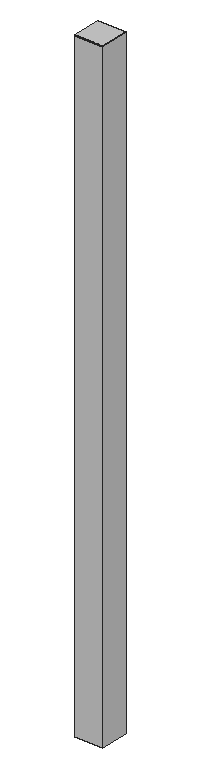
Revit family "Haworth_Compose_Panel_DoorPost", category Furniture Systems, Revit 2018
Family settings
  Round Connector Dimension = Use Diameter
  Part Type = Normal
  OmniClass Number = 23.40.70.14.64.21
  OmniClass Title = Systems Furniture
  Work Plane-Based = No
  Always vertical = Yes
  Cut with Voids When Loaded = No
  Shared = Yes
  Room Calculation Point = No
Parameters (values of type "66h")
  Warranty = "http://www.haworth.com/resources/product-info/warranties"
  URL - Product = "http://www.haworth.com/products/workspaces/panel-based/compose"
  URL = "http://www.haworth.com/"
  Trim Finish = Haworth _ Paint _ Putty
  Top Trim Width = if(Top Trim Thin Profile, 1/8", 1/4")  # 1/8"
  Top Trim Thin Profile = yes
  Sustainability Info = "http://media.haworth.com/asset/2999/Compose%20PEDS.pdf"
  Post Finish = Haworth _ Paint _ Putty
  Model = "VZZP"  # constant formula
  Description = "Haworth - Compose Panel - Accessories Door - Post"  # constant formula
  Size = "Verify Final Dim. w/ Haworth"  # constant formula
  Revision Number = "5"  # constant formula
  Post Depth = 3"  # constant formula
  Min/Max Height = "66, 74, 82, 90 in."  # constant formula
  Min. Width = 3"  # constant formula
  Max. Width = 3"  # constant formula
  Min. Height = 66"  # constant formula
  Max. Height = 90"  # constant formula
  Manufacturer = "Haworth"  # constant formula
  Height = 66"
  Custom Size = not(or(Height = 66", Height = 74", Height = 82", Height = 90"))  # no
  Author = "SHAPE Environments, LLC"  # constant formula
  Assembly Code = "E2020500"
  Actual Width = 3"  # constant formula
  Actual Height = if(Top Trim Thin Profile, if(Height < Min. Height, Min. Height, if(Height > Max. Height, Max. Height, Height)) - 1/8", if(Height < Min. Height, Min. Height, if(Height > Max. Height, Max. Height, Height)))  # 65 7/8"
Types (4): name | Height | Actual Height
  66h | 66" | 65 7/8"
  82h | 82" | 81 7/8"
  74h | 74" | 73 7/8"
  90h | 90" | 89 7/8"
Reference planes (in)
  plane 1 "Center F/B": y = 0
  plane 2: z = 0.5
  plane 3 "Center L/R": x = 1.5
  plane 4 "Back": y = 1.5
  plane 5 "Front": y = -1.5
  plane 6 "Right": x = 3
  plane 7 "Top": z = 65.875
  plane 8 "Post Top": z = 65.75
  plane 9: x = 0
Forms (in)
  Extrusion 1, solid, material "Haworth _ Paint _ Putty" <- "Post Finish"
    sketch origin (-1.5, 0, 0) x (1, 0, 0) y (0, 1, 0)
      loop
        line (1.5, 1.5) -> (1.5, -1.5) -> (4.5, -1.5) -> (4.5, 1.5) -> (1.5, 1.5)
    from 0.5 to 65.75
  Extrusion 2, solid, material "Haworth _ Paint _ Putty" <- "Trim Finish"
    sketch origin (4.39832, -1.5, -5.21744) x (-1, 0, 0) y (0, 0, 1)
      loop
        line (4.39832, 71.09244) -> (1.39832, 71.09244) -> (1.39832, 70.96744) -> (4.39832, 70.96744) -> (4.39832, 71.09244)
    from 0 to 3
Lines and regions (in)
  Masking region 1
    outline origin (0, 0, 0) x (1, 0, 0) y (0, 1, 0)
      loop
        line (0, 1.5) -> (0, -1.5) -> (3, -1.5) -> (3, 1.5) -> (0, 1.5)
  symbolic lines
    curve 1: line (0, 1.5, 0) -> (3, 1.5, 0)
    curve 2: line (0, -1.5, 0) -> (0, 1.5, 0)
    curve 3: line (3, -1.5, 0) -> (0, -1.5, 0)
    curve 4: line (3, 1.5, 0) -> (3, -1.5, 0)
Dimensions and locks (in)
  equal spacing: plane 4 "Back", plane 1 "Center F/B", plane 5 "Front"
  "Post Depth": plane 4 "Back" to plane 5 "Front"
  "Actual Height": plane 7 "Top" to level
  "Top Trim Width": plane 7 "Top" to plane 8 "Post Top"
  equal spacing: plane 9, plane 3 "Center L/R", plane 6 "Right"
  "Actual Width": plane 9 to plane 6 "Right"
  aligned and locked: Extrusion 1 sketch curve to plane 4 "Back"
  aligned and locked: plane 5 "Front" to Extrusion 1 sketch curve
  aligned: Extrusion 1 sketch curve to plane 6 "Right"
  aligned: plane 7 "Top" to Extrusion 1  (x4)
  aligned and locked: plane 8 "Post Top" to Extrusion 1
  aligned and locked: plane 8 "Post Top" to Extrusion 2 sketch curve
  aligned and locked: plane 6 "Right" to Extrusion 2
  aligned and locked: plane 6 "Right" to Extrusion 1
  aligned and locked: plane 9 to Extrusion 2
  aligned and locked: Extrusion 1 sketch curve to plane 9
  aligned and locked: Extrusion 2 sketch curve to plane 7 "Top"
  aligned and locked: Extrusion 1 to plane 2
  aligned and locked: plane 5 "Front" to Masking region 1 sketch curve
  aligned and locked: Masking region 1 sketch curve to plane 6 "Right"
  aligned and locked: Masking region 1 sketch curve to plane 4 "Back"
  aligned and locked: Masking region 1 sketch curve to plane 9
Automatic sketch dimensions
  Extrusion 2 sketch curve to plane 6 "Right" = 0"
  Extrusion 2 sketch curve to plane 3 "Center L/R" = 1 1/2"
  curve 3 to plane 5 "Front" = 0"
  curve 3 to plane 9 = 0"
  curve 3 to plane 6 "Right" = 0"
  curve 2 to plane 4 "Back" = 0"
